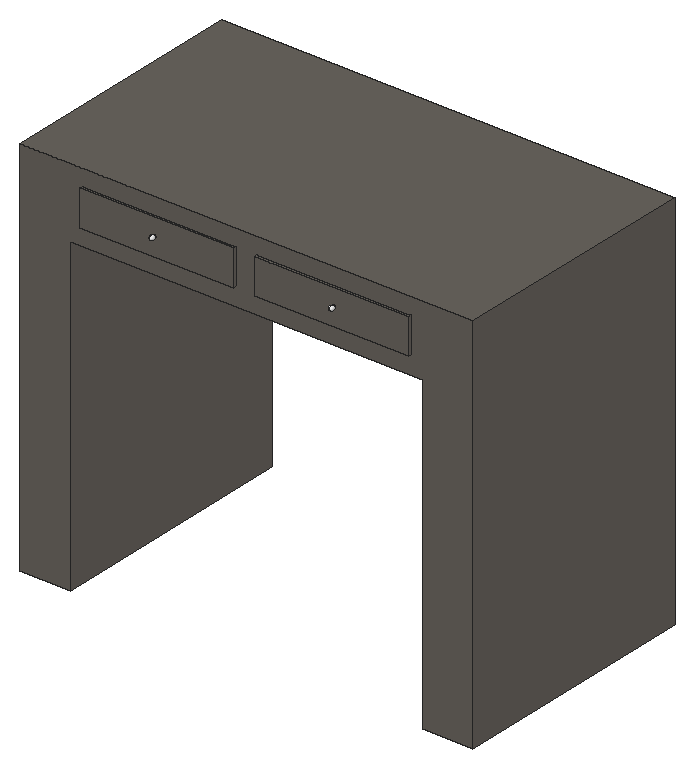
Revit family
Parameters (values of type "화장대")
  화장대재질 = 화장대
  화장대-손잡이 = 화장대 -손잡이
  화장대-서랍 = 화장대
  폭 = 900 mm
  다리두께 = 100 mm
  높이 = 760 mm
  깊이 = 500 mm
  Assembly Code = ""
Reference planes
  plane 1 "Center (Front/Back)": y = 0
  plane 2: z = 0
  plane 3 "Center (Left/Right)": x = 0
  plane 4 "left": x = -450
  plane 5 "right": x = 450
  plane 6 "front": y = -250
  plane 7 "back": y = 250
  plane 8 "top": z = 760
Forms (mm)
  Extrusion 1, solid, material "화장대" <- "화장대재질"
    sketch origin (0, 0, 0) x (1, 0, 0) y (0, 0, 1)
      loop
        line (-450, 0) -> (-350, 0) -> (-350, 620) -> (350, 620) -> (350, 0) -> (450, 0) -> (450, 760) -> (-450, 760) -> (-450, 0)
    from -250 to 250
  Extrusion 2, solid, material "화장대" <- "화장대-서랍"
    sketch origin (0, 0, 0) x (1, 0, 0) y (0, 0, 1)
      loop
        line (-326.135, 727.154) -> (-326.135, 657.154) -> (-21.135, 657.154) -> (-21.135, 727.154) -> (-326.135, 727.154)
      loop
        line (326.135, 727.154) -> (21.135, 727.154) -> (21.135, 657.154) -> (326.135, 657.154) -> (326.135, 727.154)
    from 250 to 256.161
  Revolve 3, solid, material "화장대 -손잡이" <- "화장대-손잡이"
    sketch origin (-178.485, 0, 1.201) x (0, 1, 0) y (0, 0, 1)
      loop
        arc (-257.914, 694.693) -> (-263.21, 695.969) -> (-267.098, 692.154) r 5.618
        line (-267.098, 692.154) -> (-256.161, 692.154) -> (-256.161, 694.693) -> (-257.914, 694.693)
      axis (-256.161, 692.154) -> (-267.098, 692.154)
    angle from 0 to 360
  Revolve 4, solid, material "화장대 -손잡이" <- "화장대-손잡이"
    sketch origin (178.485, 0, 1.201) x (0, 1, 0) y (0, 0, -1)
      loop
        line (-257.914, -694.693) -> (-256.161, -694.693) -> (-256.161, -692.154) -> (-267.098, -692.154)
        arc (-267.098, -692.154) -> (-263.21, -695.969) -> (-257.914, -694.693) r 5.618
      axis (-256.161, -692.154) -> (-267.098, -692.154)
    angle from 0 to 360
Dimensions and locks
  "깊이": plane 6 "front" to plane 7 "back"
  equal spacing: plane 6 "front", plane 1 "Center (Front/Back)", plane 7 "back"
  "높이": plane 8 "top" to level
  "폭": plane 4 "left" to plane 5 "right"
  equal spacing: plane 4 "left", plane 3 "Center (Left/Right)", plane 5 "right"
  "다리두께": Extrusion 1 to Extrusion 1  (x2)
  locked: Extrusion 1 to Extrusion 2 sketch curve at 32.846
  locked: Extrusion 2 sketch curve to Extrusion 1 at 37.154
  locked: Extrusion 2 to Extrusion 1 at 6.161
  aligned and locked: Extrusion 1 to plane 7 "back"
  aligned and locked: Extrusion 1 to plane 6 "front"
  aligned and locked: plane 6 "front" to Extrusion 2
Automatic sketch dimensions
  Extrusion 1 sketch curve to plane 4 "left" = 0 mm
  Extrusion 1 sketch curve to level = 0 mm  (x2)
  Extrusion 1 sketch curve to plane 5 "right" = 0 mm
  Extrusion 1 sketch curve to plane 8 "top" = 0 mm
  plane 4 "left" to Extrusion 1 sketch curve = 100 mm
  Extrusion 1 sketch curve to plane 5 "right" = 100 mm
  Extrusion 1 sketch curve to plane 8 "top" = 140 mm
  plane 4 "left" to Extrusion 2 sketch curve = 123.865 mm
  Extrusion 2 sketch curve to plane 3 "Center (Left/Right)" = 21.135 mm
  plane 3 "Center (Left/Right)" to Extrusion 2 sketch curve = 21.135 mm
  Extrusion 2 sketch curve to plane 5 "right" = 123.865 mm
  Extrusion 2 sketch curve to Extrusion 2 sketch curve = 0 mm
  Extrusion 2 sketch curve to plane 8 "top" = 32.846 mm
  Revolve 3 sketch curve to plane 6 "front" = 71.161 mm
  Revolve 3 sketch curve to plane 6 "front" = 17.098 mm
  Revolve 3 sketch curve to Revolve 3 sketch curve = 5.385 mm
  Revolve 3 sketch curve to Revolve 3 sketch curve = 3.799 mm
  Revolve 3 sketch curve to Revolve 3 sketch curve = 1.753 mm
  Revolve 3 sketch curve to Revolve 3 sketch curve = 0 mm  (x2)
  Revolve 3 sketch curve to plane 8 "top" = 68.244 mm
  Revolve 3 sketch curve to Revolve 3 sketch curve = 1.599 mm
  Revolve 4 sketch curve to plane 6 "front" = 71.161 mm
  Revolve 4 sketch curve to plane 6 "front" = 17.098 mm
  Revolve 4 sketch curve to Revolve 4 sketch curve = 5.385 mm
  Revolve 4 sketch curve to Revolve 4 sketch curve = 3.799 mm
  Revolve 4 sketch curve to Revolve 4 sketch curve = 1.753 mm
  Revolve 4 sketch curve to Revolve 4 sketch curve = 0 mm  (x2)
  Revolve 4 sketch curve to plane 8 "top" = 64.105 mm
  Revolve 4 sketch curve to Revolve 4 sketch curve = 2.54 mm
